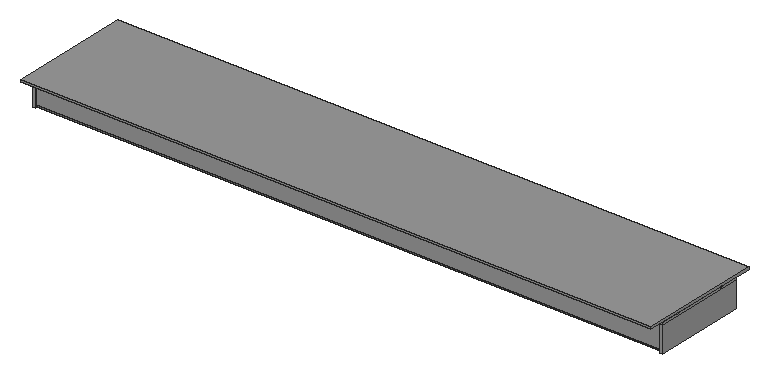
Revit family "Berica 2.2 M", category Lighting Fixtures, Revit 2020 (continued)
Definition of nested family "Light Source Berica 2.2"
  Types (4, lengths in mm): name | Photometric Web File | built-in parameter 1150142
      731.88 1741.36 1745.44 \r\n1745.10 1739.26 1728.67 1712.71 1694.55 1672.36 1645.32 \r\n1615.60 1582.89 1544.83 1503.20 1464.18 1409.36 1332.08 \r\n1205.82 1078.11 932.28 800.61 653.74 544.93 450.22 377.09 \r\n305.38 247.63 216.34 182.17 141.81 98.80 66.19 42.35 \r\n22.81 17.68 15.32 13.43 11.21 9.18 7.32 4.77 2.34 0.49 \r\n0.13 0.10 0.09 0.09 0.09 0.09 0.09 0.09 0.08 0.08 0.08 \r\n0.08 0.08 0.08 0.08 0.08 0.08 0.08 0.08 0.08 0.08 0.08 \r\n0.08 0.08 0.08 0.08 0.08 0.08 0.08 0.08 0.08 0.08 0.08 \r\n0.08 0.08 0.08 0.08 0.08 0.08 0.08 0.08 0.08 0.08 0.08 \r\n0.08 0.08 0.08 0.08 0.08 0.08 0.08 0.09 0.09 0.09 0.09 \r\n0.09 0.09 0.10 0.13 0.49 2.34 4.77 7.32 9.18 11.21 13.43 \r\n15.32 17.68 22.81 42.35 66.19 98.80 141.81 182.17 216.34 \r\n247.63 305.38 377.09 450.22 544.93 653.74 800.61 932.28 \r\n1078.11 1205.82 1332.08 1409.36 1464.18 1503.20 1544.83 \r\n1582.89 1615.60 1645.32 1672.36 1694.55 1712.71 1728.67 \r\n1739.26 1745.10 1745.44 1741.36 1731.88 1719.81 1703.80 \r\n1684.73 1660.37 1634.71 1599.31 1567.13 1530.77 1493.15 \r\n1451.75 1412.36 1368.27 1329.02 1285.25 1241.27 1194.34 \r\n1148.11 1098.39 \r\n1098.39 1140.52 1188.37 1227.23 1270.33 1312.40 1347.86 \r\n1389.00 1425.00 1465.74 1501.30 1535.94 1566.23 1598.64 \r\n1623.32 1648.20 1666.66 1684.11 1697.16 1706.90 1712.88 \r\n1716.28 1714.87 1708.85 1696.82 1681.35 1662.62 1643.28 \r\n1619.12 1592.16 1559.22 1526.18 1487.70 1447.96 1401.92 \r\n1345.46 1247.73 1130.31 1009.19 868.59 737.07 608.93 \r\n513.30 420.13 352.39 278.31 236.21 206.15 169.87 126.85 \r\n86.69 55.69 31.21 19.05 16.21 14.07 12.22 10.03 8.02 5.85 \r\n3.17 1.06 0.16 0.12 0.11 0.10 0.10 0.10 0.10 0.09 0.09 \r\n0.09 0.09 0.09 0.09 0.08 0.08 0.08 0.08 0.08 0.08 0.08 \r\n0.08 0.08 0.08 0.08 0.08 0.08 0.08 0.08 0.08 0.08 0.08 \r\n0.08 0.08 0.08 0.08 0.08 0.08 0.08 0.08 0.08 0.08 0.08 \r\n0.08 0.08 0.09 0.09 0.09 0.09 0.09 0.09 0.10 0.10 0.10 \r\n0.10 0.11 0.12 0.16 1.06 3.17 5.85 8.02 10.03 12.22 14.07 \r\n16.21 19.05 31.21 55.69 86.69 126.85 169.87 206.15 236.21 \r\n278.31 352.39 420.13 513.30 608.93 737.07 868.59 1009.19 \r\n1130.31 1247.73 1345.46 1401.92 1447.96 1487.70 1526.18 \r\n1559.22 1592.16 1619.12 1643.28 1662.62 1681.35 1696.82 \r\n1708.85 1714.87 1716.28 1712.88 1706.90 1697.16 1684.11 \r\n1666.66 1648.20 1623.32 1598.64 1566.23 1535.94 1501.30 \r\n1465.74 1425.00 1389.00 1347.86 1312.40 1270.33 1227.23 \r\n1188.37 1140.52 1098.39 \r\n1098.39 1146.55 1184.55 1225.18 1262.41 1301.38 1338.68 \r\n1373.46 1409.89 1442.05 1477.84 1509.76 1540.04 1570.22 \r\n1595.02 1618.00 1637.67 1653.81 1667.68 1678.87 1686.55 \r\n1690.94 1692.95 1690.37 1683.82 1673.65 1657.87 1640.46 \r\n1621.05 1598.71 1573.45 1547.42 1515.96 1482.65 1444.05 \r\n1405.72 1363.26 1303.79 1203.30 1094.35 974.46 854.64 \r\n721.21 598.86 507.57 421.15 346.59 275.12 234.53 206.17 \r\n168.04 122.89 84.04 53.17 28.16 18.12 15.63 13.56 11.22 \r\n9.19 7.21 4.66 2.21 0.38 0.15 0.13 0.12 0.12 0.12 0.12 \r\n0.11 0.11 0.11 0.11 0.11 0.11 0.10 0.10 0.10 0.10 0.10 \r\n0.10 0.10 0.10 0.10 0.10 0.10 0.10 0.10 0.10 0.10 0.10 \r\n0.10 0.10 0.10 0.10 0.10 0.10 0.10 0.10 0.10 0.10 0.10 \r\n0.10 0.10 0.11 0.11 0.11 0.11 0.11 0.11 0.12 0.12 0.12 \r\n0.12 0.13 0.15 0.38 2.21 4.66 7.21 9.19 11.22 13.56 15.63 \r\n18.12 28.16 53.17 84.04 122.89 168.04 206.17 234.53 \r\n275.12 346.59 421.15 507.57 598.86 721.21 854.64 974.46 \r\n1094.35 1203.30 1303.79 1363.26 1405.72 1444.05 1482.65 \r\n1515.96 1547.42 1573.45 1598.71 1621.05 1640.46 1657.87 \r\n1673.65 1683.82 1690.37 1692.95 1690.94 1686.55 1678.87 \r\n1667.68 1653.81 1637.67 1618.00 1595.02 1570.22 1540.04 \r\n1509.76 1477.84 1442.05 1409.89 1373.46 1338.68 1301.38 \r\n1262.41 1225.18 1184.55 1146.55 1098.39 \r\n1098.39 1140.10 1176.18 1211.61 1248.43 1281.89 1317.93 \r\n1349.65 1381.77 1412.53 1445.48 1473.09 1500.75 1525.53 \r\n1550.97 1573.07 1591.03 1607.40 1621.47 1632.42 1640.39 \r\n1646.46 1649.49 1649.86 1647.79 1642.03 1632.31 1617.61 \r\n1601.25 1582.21 1563.43 1542.19 1516.67 1489.48 1459.06 \r\n1427.17 1391.51 1354.84 1316.40 1266.52 1189.19 1084.09 \r\n980.86 862.84 746.53 627.04 532.15 439.53 365.16 289.91 \r\n241.19 210.83 176.29 130.90 88.70 57.09 29.73 18.13 15.55 \r\n13.28 10.95 8.70 6.78 4.34 1.61 0.27 0.19 0.18 0.17 0.17 \r\n0.16 0.16 0.16 0.15 0.15 0.15 0.15 0.15 0.14 0.14 0.14 \r\n0.14 0.14 0.14 0.13 0.13 0.13 0.13 0.13 0.13 0.13 0.13 \r\n0.13 0.13 0.13 0.13 0.13 0.14 0.14 0.14 0.14 0.14 0.14 \r\n0.15 0.15 0.15 0.15 0.15 0.16 0.16 0.16 0.17 0.17 0.18 \r\n0.19 0.27 1.61 4.34 6.78 8.70 10.95 13.28 15.55 18.13 \r\n29.73 57.09 88.70 130.90 176.29 210.83 241.19 289.91 \r\n365.16 439.53 532.15 627.04 746.53 862.84 980.86 1084.09 \r\n1189.19 1266.52 1316.40 1354.84 1391.51 1427.17 1459.06 \r\n1489.48 1516.67 1542.19 1563.43 1582.21 1601.25 1617.61 \r\n1632.31 1642.03 1647.79 1649.86 1649.49 1646.46 1640.39 \r\n1632.42 1621.47 1607.40 1591.03 1573.07 1550.97 1525.53 \r\n1500.75 1473.09 1445.48 1412.53 1381.77 1349.65 1317.93 \r\n1281.89 1248.43 1211.61 1176.18 1140.10 1098.39 \r\n1098.39 1136.46 1170.23 1202.23 1234.29 1266.50 1295.84 \r\n1326.06 1354.71 1381.93 1408.20 1435.56 1458.50 1482.87 \r\n1505.43 1524.60 1542.88 1557.91 1570.78 1581.67 1590.63 \r\n1596.19 1600.34 1601.51 1601.22 1598.82 1593.07 1584.70 \r\n1573.16 1557.36 1540.38 1520.12 1501.12 1478.50 1453.62 \r\n1427.65 1399.51 1366.77 1334.78 1299.75 1267.83 1228.86 \r\n1176.93 1094.65 1003.44 904.03 801.04 690.92 582.76 \r\n493.12 404.79 335.56 257.80 221.28 190.90 153.20 107.40 \r\n71.22 38.09 20.73 15.93 13.44 11.05 8.78 6.94 4.64 2.08 \r\n0.62 0.54 0.50 0.47 0.44 0.42 0.39 0.37 0.34 0.32 0.29 \r\n0.26 0.24 0.22 0.21 0.19 0.18 0.18 0.17 0.17 0.17 0.17 \r\n0.17 0.17 0.17 0.17 0.17 0.17 0.17 0.18 0.18 0.19 0.21 \r\n0.22 0.24 0.26 0.29 0.32 0.34 0.37 0.39 0.42 0.44 0.47 \r\n0.50 0.54 0.62 2.08 4.64 6.94 8.78 11.05 13.44 15.93 \r\n20.73 38.09 71.22 107.40 153.20 190.90 221.28 257.80 \r\n335.56 404.79 493.12 582.76 690.92 801.04 904.03 1003.44 \r\n1094.65 1176.93 1228.86 1267.83 1299.75 1334.78 1366.77 \r\n1399.51 1427.65 1453.62 1478.50 1501.12 1520.12 1540.38 \r\n1557.36 1573.16 1584.70 1593.07 1598.82 1601.22 1601.51 \r\n1600.34 1596.19 1590.63 1581.67 1570.78 1557.91 1542.88 \r\n1524.60 1505.43 1482.87 1458.50 1435.56 1408.20 1381.93 \r\n1354.71 1326.06 1295.84 1266.50 1234.29 1202.23 1170.23 \r\n1136.46 1098.39 \r\n1098.39 1130.95 1161.12 1190.25 1217.60 1245.96 1271.74 \r\n1298.97 1323.92 1347.35 1368.13 1391.28 1412.26 1432.61 \r\n1451.92 1468.91 1483.74 1497.91 1509.39 1519.68 1527.20 \r\n1532.62 1536.97 1538.36 1538.38 1536.71 1532.28 1526.08 \r\n1518.19 1507.56 1495.59 1481.40 1462.98 1441.74 1419.77 \r\n1396.49 1373.21 1347.09 1320.94 1292.40 1262.89 1231.36 \r\n1197.47 1163.19 1126.91 1084.29 1025.12 941.66 854.91 \r\n762.18 667.33 565.09 473.34 390.70 314.74 248.45 205.80 \r\n179.38 141.16 99.79 60.94 31.97 17.35 14.37 12.04 9.75 \r\n7.66 5.74 3.32 1.52 1.33 1.24 1.14 1.06 0.97 0.88 0.79 \r\n0.70 0.62 0.54 0.48 0.41 0.36 0.31 0.27 0.24 0.22 0.21 \r\n0.21 0.21 0.21 0.21 0.21 0.21 0.22 0.24 0.27 0.31 0.36 \r\n0.41 0.48 0.54 0.62 0.70 0.79 0.88 0.97 1.06 1.14 1.24 \r\n1.33 1.52 3.32 5.74 7.66 9.75 12.04 14.37 17.35 31.97 \r\n60.94 99.79 141.16 179.38 205.80 248.45 314.74 390.70 \r\n473.34 565.09 667.33 762.18 854.91 941.66 1025.12 1084.29 \r\n1126.91 1163.19 1197.47 1231.36 1262.89 1292.40 1320.94 \r\n1347.09 1373.21 1396.49 1419.77 1441.74 1462.98 1481.40 \r\n1495.59 1507.56 1518.19 1526.08 1532.28 1536.71 1538.38 \r\n1538.36 1536.97 1532.62 1527.20 1519.68 1509.39 1497.91 \r\n1483.74 1468.91 1451.92 1432.61 1412.26 1391.28 1368.13 \r\n1347.35 1323.92 1298.97 1271.74 1245.96 1217.60 1190.25 \r\n1161.12 1130.95 1098.39 \r\n1098.39 1127.14 1154.58 1178.32 1201.81 1226.66 1249.47 \r\n1272.21 1293.26 1312.79 1331.22 1348.96 1364.40 1383.59 \r\n1397.32 1411.71 1424.11 1435.73 1445.24 1453.05 1459.62 \r\n1464.10 1467.29 1468.46 1467.61 1465.73 1461.48 1456.45 \r\n1448.66 1439.50 1429.11 1417.06 1402.25 1386.53 1367.12 \r\n1348.18 1325.37 1300.80 1277.16 1250.89 1227.10 1198.21 \r\n1170.21 1140.05 1108.71 1078.14 1045.70 1010.09 977.23 \r\n937.80 881.30 809.35 731.55 655.01 568.25 475.32 397.15 \r\n322.30 245.77 198.80 168.75 137.87 99.73 62.44 35.82 \r\n22.59 18.35 15.90 13.27 10.98 8.71 6.38 5.35 4.85 4.34 \r\n3.84 3.37 2.81 2.35 1.92 1.52 1.16 0.87 0.65 0.51 0.39 \r\n0.32 0.28 0.27 0.26 0.26 0.26 0.27 0.28 0.32 0.39 0.51 \r\n0.65 0.87 1.16 1.52 1.92 2.35 2.81 3.37 3.84 4.34 4.85 \r\n5.35 6.38 8.71 10.98 13.27 15.90 18.35 22.59 35.82 62.44 \r\n99.73 137.87 168.75 198.80 245.77 322.30 397.15 475.32 \r\n568.25 655.01 731.55 809.35 881.30 937.80 977.23 1010.09 \r\n1045.70 1078.14 1108.71 1140.05 1170.21 1198.21 1227.10 \r\n1250.89 1277.16 1300.80 1325.37 1348.18 1367.12 1386.53 \r\n1402.25 1417.06 1429.11 1439.50 1448.66 1456.45 1461.48 \r\n1465.73 1467.61 1468.46 1467.29 1464.10 1459.62 1453.05 \r\n1445.24 1435.73 1424.11 1411.71 1397.32 1383.59 1364.40 \r\n1348.96 1331.22 1312.79 1293.26 1272.21 1249.47 1226.66 \r\n1201.81 1178.32 1154.58 1127.14 1098.39 \r\n1098.39 1121.27 1144.50 1163.07 1184.48 1203.78 1223.42 \r\n1241.27 1258.90 1275.29 1289.75 1302.73 1315.20 1326.11 \r\n1337.64 1347.50 1357.08 1364.88 1371.53 1376.95 1380.57 \r\n1383.49 1384.79 1384.58 1382.73 1379.68 1374.73 1368.74 \r\n1361.48 1351.61 1341.98 1329.46 1315.88 1301.32 1285.38 \r\n1268.86 1248.78 1229.21 1207.21 1186.11 1159.83 1133.69 \r\n1104.08 1077.76 1050.28 1021.15 993.48 963.84 934.22 \r\n901.29 871.40 837.87 806.87 771.27 733.40 680.89 617.50 \r\n551.58 486.12 413.92 338.12 269.10 206.79 170.91 144.70 \r\n119.53 87.50 57.57 39.25 32.45 28.18 24.94 21.25 18.00 \r\n14.91 12.89 11.10 9.36 7.84 6.33 5.03 3.85 2.95 2.11 1.55 \r\n1.05 0.63 0.41 0.34 0.33 0.32 0.33 0.34 0.41 0.63 1.05 \r\n1.55 2.11 2.95 3.85 5.03 6.33 7.84 9.36 11.10 12.89 14.91 \r\n18.00 21.25 24.94 28.18 32.45 39.25 57.57 87.50 119.53 \r\n144.70 170.91 206.79 269.10 338.12 413.92 486.12 551.58 \r\n617.50 680.89 733.40 771.27 806.87 837.87 871.40 901.29 \r\n934.22 963.84 993.48 1021.15 1050.28 1077.76 1104.08 \r\n1133.69 1159.83 1186.11 1207.21 1229.21 1248.78 1268.86 \r\n1285.38 1301.32 1315.88 1329.46 1341.98 1351.61 1361.48 \r\n1368.74 1374.73 1379.68 1382.73 1384.58 1384.79 1383.49 \r\n1380.57 1376.95 1371.53 1364.88 1357.08 1347.50 1337.64 \r\n1326.11 1315.20 1302.73 1289.75 1275.29 1258.90 1241.27 \r\n1223.42 1203.78 1184.48 1163.07 1144.50 1121.27 1098.39 \r\n1098.39 1117.57 1136.29 1150.89 1168.25 1182.80 1198.24 \r\n1211.54 1224.08 1236.51 1248.51 1257.54 1266.44 1274.28 \r\n1280.26 1285.16 1289.32 1293.40 1296.22 1298.41 1299.20 \r\n1299.38 1297.26 1295.18 1291.28 1286.47 1279.67 1272.82 \r\n1263.24 1253.91 1242.17 1230.38 1216.57 1201.50 1185.91 \r\n1169.12 1150.59 1131.84 1111.27 1090.43 1070.50 1046.07 \r\n1022.60 997.30 971.62 945.83 916.45 888.25 859.51 827.72 \r\n799.63 771.00 740.61 712.92 681.94 650.90 621.75 591.02 \r\n561.15 531.82 493.52 449.94 400.47 348.93 298.33 243.73 \r\n194.76 157.47 133.01 113.61 88.90 66.02 51.70 44.39 38.72 \r\n33.89 28.62 24.27 20.62 17.12 14.10 11.06 8.63 6.53 4.69 \r\n3.11 1.81 0.93 0.53 0.40 0.39 0.40 0.53 0.93 1.81 3.11 \r\n4.69 6.53 8.63 11.06 14.10 17.12 20.62 24.27 28.62 33.89 \r\n38.72 44.39 51.70 66.02 88.90 113.61 133.01 157.47 194.76 \r\n243.73 298.33 348.93 400.47 449.94 493.52 531.82 561.15 \r\n591.02 621.75 650.90 681.94 712.92 740.61 771.00 799.63 \r\n827.72 859.51 888.25 916.45 945.83 971.62 997.30 1022.60 \r\n1046.07 1070.50 1090.43 1111.27 1131.84 1150.59 1169.12 \r\n1185.91 1201.50 1216.57 1230.38 1242.17 1253.91 1263.24 \r\n1272.82 1279.67 1286.47 1291.28 1295.18 1297.26 1299.38 \r\n1299.20 1298.41 1296.22 1293.40 1289.32 1285.16 1280.26 \r\n1274.28 1266.44 1257.54 1248.51 1236.51 1224.08 1211.54 \r\n1198.24 1182.80 1168.25 1150.89 1136.29 1117.57 1098.39 \r\n1098.39 1112.97 1126.16 1138.37 1150.34 1160.56 1170.60 \r\n1179.43 1188.78 1196.11 1203.04 1209.20 1214.11 1217.74 \r\n1220.91 1222.77 1223.28 1222.85 1221.32 1218.11 1214.71 \r\n1210.87 1206.12 1200.55 1193.61 1186.08 1177.52 1167.75 \r\n1156.88 1145.27 1133.24 1120.25 1105.09 1090.33 1074.12 \r\n1056.47 1038.27 1019.55 1000.24 979.74 958.71 936.36 \r\n914.14 892.34 868.47 844.25 819.06 793.70 769.03 743.56 \r\n717.63 691.17 663.25 634.95 609.81 580.22 551.87 524.57 \r\n497.82 470.92 445.72 419.35 396.46 370.33 346.77 322.69 \r\n298.44 268.77 238.18 206.84 174.93 143.33 117.47 101.96 \r\n85.03 68.04 54.94 47.03 40.14 34.06 27.98 23.54 18.71 \r\n14.61 10.79 7.37 4.56 2.30 1.14 0.55 0.46 0.55 1.14 2.30 \r\n4.56 7.37 10.79 14.61 18.71 23.54 27.98 34.06 40.14 47.03 \r\n54.94 68.04 85.03 101.96 117.47 143.33 174.93 206.84 \r\n238.18 268.77 298.44 322.69 346.77 370.33 396.46 419.35 \r\n445.72 470.92 497.82 524.57 551.87 580.22 609.81 634.95 \r\n663.25 691.17 717.63 743.56 769.03 793.70 819.06 844.25 \r\n868.47 892.34 914.14 936.36 958.71 979.74 1000.24 1019.55 \r\n1038.27 1056.47 1074.12 1090.33 1105.09 1120.25 1133.24 \r\n1145.27 1156.88 1167.75 1177.52 1186.08 1193.61 1200.55 \r\n1206.12 1210.87 1214.71 1218.11 1221.32 1222.85 1223.28 \r\n1222.77 1220.91 1217.74 1214.11 1209.20 1203.04 1196.11 \r\n1188.78 1179.43 1170.60 1160.56 1150.34 1138.37 1126.16 \r\n1112.97 1098.39 \r\n1098.39 1108.02 1116.60 1124.07 1131.66 1137.75 1143.38 \r\n1148.05 1152.03 1155.18 1157.55 1159.42 1160.07 1159.70 \r\n1158.52 1156.79 1154.06 1150.00 1146.09 1140.64 1134.62 \r\n1127.27 1119.35 1110.46 1100.79 1089.23 1077.70 1065.04 \r\n1051.20 1037.49 1022.65 1007.15 992.53 976.13 958.55 \r\n941.25 922.63 903.77 885.02 865.18 845.91 823.59 802.97 \r\n781.74 759.13 737.34 715.17 692.00 669.73 646.93 623.12 \r\n600.35 577.11 553.98 531.06 506.74 484.39 461.27 438.85 \r\n416.84 395.79 372.24 350.63 328.58 309.79 288.08 268.43 \r\n248.71 230.11 211.67 195.05 178.69 162.40 147.37 129.31 \r\n113.69 96.17 81.01 68.94 57.90 48.71 39.94 32.88 25.70 \r\n19.80 14.28 9.50 5.49 2.67 1.30 0.70 1.30 2.67 5.49 9.50 \r\n14.28 19.80 25.70 32.88 39.94 48.71 57.90 68.94 81.01 \r\n96.17 113.69 129.31 147.37 162.40 178.69 195.05 211.67 \r\n230.11 248.71 268.43 288.08 309.79 328.58 350.63 372.24 \r\n395.79 416.84 438.85 461.27 484.39 506.74 531.06 553.98 \r\n577.11 600.35 623.12 646.93 669.73 692.00 715.17 737.34 \r\n759.13 781.74 802.97 823.59 845.91 865.18 885.02 903.77 \r\n922.63 941.25 958.55 976.13 992.53 1007.15 1022.65 \r\n1037.49 1051.20 1065.04 1077.70 1089.23 1100.79 1110.46 \r\n1119.35 1127.27 1134.62 1140.64 1146.09 1150.00 1154.06 \r\n1156.79 1158.52 1159.70 1160.07 1159.42 1157.55 1155.18 \r\n1152.03 1148.05 1143.38 1137.75 1131.66 1124.07 1116.60 \r\n1108.02 1098.39 \r\n1098.39 1102.93 1106.50 1109.82 1112.60 1114.35 1115.45 \r\n1116.28 1115.91 1114.98 1113.20 1110.54 1107.19 1103.04 \r\n1098.08 1092.45 1085.85 1078.58 1071.01 1062.25 1052.74 \r\n1043.01 1032.67 1021.63 1009.25 996.60 982.90 969.10 \r\n954.38 939.27 924.62 909.09 890.55 874.24 856.43 838.47 \r\n819.00 801.03 783.02 763.55 743.44 723.06 704.74 682.54 \r\n662.76 642.76 621.83 601.02 580.32 561.90 540.99 520.94 \r\n500.18 479.50 459.92 441.51 421.08 403.20 383.99 365.05 \r\n346.27 329.81 311.71 294.05 277.64 260.85 244.94 228.99 \r\n213.30 197.87 183.92 169.22 154.93 141.08 128.51 116.31 \r\n103.52 91.17 79.43 69.27 58.39 49.38 40.14 32.62 25.13 \r\n18.91 12.95 8.42 4.93 2.41 1.65 2.41 4.93 8.42 12.95 \r\n18.91 25.13 32.62 40.14 49.38 58.39 69.27 79.43 91.17 \r\n103.52 116.31 128.51 141.08 154.93 169.22 183.92 197.87 \r\n213.30 228.99 244.94 260.85 277.64 294.05 311.71 329.81 \r\n346.27 365.05 383.99 403.20 421.08 441.51 459.92 479.50 \r\n500.18 520.94 540.99 561.90 580.32 601.02 621.83 642.76 \r\n662.76 682.54 704.74 723.06 743.44 763.55 783.02 801.03 \r\n819.00 838.47 856.43 874.24 890.55 909.09 924.62 939.27 \r\n954.38 969.10 982.90 996.60 1009.25 1021.63 1032.67 \r\n1043.01 1052.74 1062.25 1071.01 1078.58 1085.85 1092.45 \r\n1098.08 1103.04 1107.19 1110.54 1113.20 1114.98 1115.91 \r\n1116.28 1115.45 1114.35 1112.60 1109.82 1106.50 1102.93 \r\n1098.39 \r\n1098.39 1097.99 1096.85 1095.16 1093.24 1090.63 1087.40 \r\n1083.44 1078.69 1073.08 1067.47 1060.45 1053.46 1044.91 \r\n1036.30 1027.98 1017.59 1007.31 996.49 984.55 972.44 \r\n959.80 946.67 933.93 920.40 905.28 890.12 874.43 859.69 \r\n842.86 828.28 811.42 794.56 776.80 759.79 741.61 725.45 \r\n707.33 689.25 671.12 652.64 635.54 616.79 598.61 581.15 \r\n563.52 544.54 527.80 510.70 492.78 474.74 457.98 440.49 \r\n424.91 407.57 391.39 375.65 359.41 343.95 328.10 313.48 \r\n298.24 283.90 269.15 255.39 241.42 227.95 214.14 201.79 \r\n188.49 175.54 162.86 150.90 139.38 127.22 116.34 104.76 \r\n93.93 82
      .50 73.07 62.60 53.63 44.67 36.34 29.72 21.96 \r\n16.42 11.58 7.74 4.89 4.16 4.89 7.74 11.58 16.42 21.96 \r\n29.72 36.34 44.67 53.63 62.60 73.07 82.50 93.93 104.76 \r\n116.34 127.22 139.38 150.90 162.86 175.54 188.49 201.79 \r\n214.14 227.95 241.42 255.39 269.15 283.90 298.24 313.48 \r\n328.10 343.95 359.41 375.65 391.39 407.57 424.91 440.49 \r\n457.98 474.74 492.78 510.70 527.80 544.54 563.52 581.15 \r\n598.61 616.79 635.54 652.64 671.12 689.25 707.33 725.45 \r\n741.61 759.79 776.80 794.56 811.42 828.28 842.86 859.69 \r\n874.43 890.12 905.28 920.40 933.93 946.67 959.80 972.44 \r\n984.55 996.49 1007.31 1017.59 1027.98 1036.30 1044.91 \r\n1053.46 1060.45 1067.47 1073.08 1078.69 1083.44 1087.40 \r\n1090.63 1093.24 1095.16 1096.85 1097.99 1098.39 \r\n"
